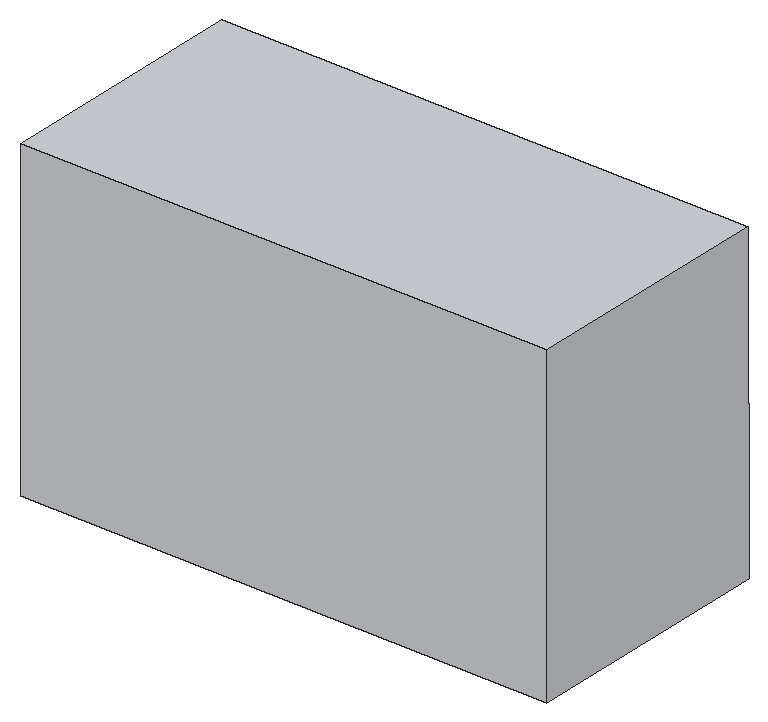
Revit family "ALG_Cutout_Wall", category Allgemeines Modell, Revit 2016
Family settings
  Teiletyp = Normal
  Kann Basisbauteil für Bewehrung sein = Nein
  Bemaßung runder Anschluss = Durchmesser verwenden
  Arbeitsebenenbasiert = Nein
  Immer vertikal = Ja
  Beim Laden mit Abzugskörper schneiden = Nein
  Gemeinsam genutzt = Nein
  Raumberechnungspunkt = Nein
Parameters (values of type "WD")
  WD_Durchbruch_Rund_Volumen [instance] = pi() * (WD_Durchbruch_RD ^ 2) * ALG_Durchbruch_Tiefe  # 0.0471239 m³
  WD_Durchbruch_Rund_Fläche [instance] = pi() * (WD_Durchbruch_RD ^ 2)  # 0.19635 m²
  WD_Durchbruch_Rechteck_Volumen [instance] = ALG_Durchbruch_Breite * ALG_Durchbruch_Höhe * ALG_Durchbruch_Tiefe  # 0.036 m³
  WD_Durchbruch_Rechteck_Fläche [instance] = ALG_Durchbruch_Breite * ALG_Durchbruch_Höhe  # 0.15 m²
  WD_Durchbruch_RD [instance] = ALG_Durchbruch_Breite / 2  # 250 mm
  WDR = no
  WD = yes
  ALG_Durchbruch_Versatz_manuell [instance] = 0 mm
  ALG_Durchbruch_UK_ab_Decke [instance] = ALG_Durchbruch_OKKVersatz + ALG_Durchbruch_Höhe / 2  # 1650 mm
  ALG_Durchbruch_Tiefe [instance] = 240 mm
  ALG_Durchbruch_OK_ab_Decke [instance] = ALG_Durchbruch_OKKVersatz - ALG_Durchbruch_Höhe / 2  # 1350 mm
  ALG_Durchbruch_OKKVersatz [instance] = 1500 mm
  ALG_Durchbruch_Höhe [instance] = 300 mm
  ALG_Durchbruch_Gewerk [instance] = ""
  ALG_Durchbruch_Breite [instance] = 500 mm
Types (2, lengths in mm): name | WDR | WD
  WD | no | yes
  WDR | yes | no
Reference planes
  plane 1 "Mitte (Vorne/Hinten)": y = 0
  plane 2: z = 0
  plane 3 "Mitte (Links/Rechts)": x = 0
  plane 4 "Mitte_WD": z = -1500
Forms (mm)
  Extrusion 1, solid, visible <- "WD"
    sketch origin (0, 0, -1500) x (0, 1, 0) y (-1, 0, 0)
      loop
        line (-120, 250) -> (-120, -250) -> (120, -250) -> (120, 250) -> (-120, 250)
    from -150 to 150
  Extrusion 2, solid, visible <- "WDR"
    sketch origin (0, 0, 0) x (1, 0, 0) y (0, 0, 1)
      loop
        circle (0, -1500) r 250
    from -120 to 120
Lines and regions (mm)
  reference lines
    curve 1: line (0, 670.716, -1350) -> (0, -629.284, -1350)
    curve 2: line (0, 560.86, -1650) -> (0, -629.284, -1650)
    curve 3: line (-4.994, 120, 0) -> (-294.994, 120, 0)
    curve 4: line (-4.994, -120, 0) -> (400, -120, 0)
    curve 5: line (-250, 248.741, 0) -> (-250, -491.259, 0)
    curve 6: line (250, 248.741, 0) -> (250, -491.259, 0)
Dimensions and locks
  "ALG_Durchbruch_OKKVersatz": plane 4 "Mitte_WD" to plane 2
  equal spacing: curve 2, plane 4 "Mitte_WD", curve 1
  "ALG_Durchbruch_Höhe": curve 2 to curve 1
  equal spacing: curve 5, plane 3 "Mitte (Links/Rechts)", curve 6
  equal spacing: curve 4, plane 1 "Mitte (Vorne/Hinten)", curve 3
  "ALG_Durchbruch_Breite": curve 5 to curve 6
  "ALG_Durchbruch_Tiefe": curve 4 to curve 3
  "WD_Durchbruch_RD": radius of Extrusion 2 sketch curve
  aligned and locked: level to plane 2
  aligned and locked: Extrusion 1 to curve 4
  aligned and locked: curve 5 to Extrusion 1
  aligned and locked: Extrusion 1 to curve 3
  aligned and locked: Extrusion 1 to curve 6
  aligned and locked: Extrusion 1 to curve 1
  aligned and locked: curve 2 to Extrusion 1
  aligned and locked: Extrusion 2 sketch curve to plane 3 "Mitte (Links/Rechts)"
  aligned and locked: plane 4 "Mitte_WD" to Extrusion 2 sketch curve
  aligned and locked: Extrusion 2 to curve 3
  aligned and locked: Extrusion 2 to curve 4
  aligned and locked: plane 3 "Mitte (Links/Rechts)" to nested 1
  aligned and locked: plane 1 "Mitte (Vorne/Hinten)" to nested 1
Automatic sketch dimensions
  plane 1 "Mitte (Vorne/Hinten)" to Extrusion 1 sketch curve = 120 mm
  Extrusion 1 sketch curve to plane 1 "Mitte (Vorne/Hinten)" = 120 mm
  plane 3 "Mitte (Links/Rechts)" to Extrusion 1 sketch curve = 250 mm
  Extrusion 1 sketch curve to plane 3 "Mitte (Links/Rechts)" = 250 mm
  plane 1 "Mitte (Vorne/Hinten)" to curve 1 = 629.284 mm
  curve 2 to curve 1 = 0 mm
  curve 2 to plane 1 "Mitte (Vorne/Hinten)" = 560.86 mm
  curve 2 to curve 1 = 109.855 mm
  curve 3 to curve 5 = 44.994 mm
  curve 4 to plane 3 "Mitte (Links/Rechts)" = 4.994 mm
  curve 3 to plane 3 "Mitte (Links/Rechts)" = 4.994 mm
  curve 6 to curve 4 = 150 mm
  curve 5 to curve 4 = 371.259 mm
  curve 6 to curve 4 = 371.259 mm
  curve 6 to plane 1 "Mitte (Vorne/Hinten)" = 248.741 mm
  curve 3 to curve 5 = 128.741 mm
Nested families
  nested 1: "ALG_Cutout_WD_Symbol" at (0, 0, 0), Breite <- "ALG_Durchbruch_Breite", Tiefe <- "ALG_Durchbruch_Tiefe", visible <- "WD", type "Cutout_WD_Symbol"
    with Tiefe 240 mm, T1 80 mm, Breite 500 mm, B1 166.667 mm
Definition of nested family "ALG_Cutout_WD_Symbol"
  Parameters (values of type "ALG_Cutout_WD_Symbol")
    Tiefe [instance] = 200 mm
    B1 [instance] = Breite / 3  # 100 mm
    T1 [instance] = Tiefe / 3  # 66.667 mm
    Breite [instance] = 300 mm
  Types (2): name
    ALG_Cutout_WD_Symbol
    Cutout_WD_Symbol
  Reference planes
    plane 1 "Mitte (Vorne/Hinten)": y = 0
    plane 2: z = 0
    plane 3 "Mitte (Links/Rechts)": x = 0
  Lines and regions (mm)
    symbolic lines
      curve 1: line (-150, -100, 0) -> (150, -100, 0)
      curve 2: line (-150, 100, 0) -> (-150, -100, 0)
      curve 3: line (150, 100, 0) -> (-150, 100, 0)
      curve 4: line (150, -100, 0) -> (150, 100, 0)
    model lines
      curve 5: line (-150, 100, 0) -> (150, -100, 0)
      curve 6: line (-150, -100, 0) -> (150, 100, 0)
  Dimensions and locks
    equal spacing: curve 1, plane 1 "Mitte (Vorne/Hinten)", curve 3
    equal spacing: curve 2, plane 3 "Mitte (Links/Rechts)", curve 4
    "Breite": curve 2 to curve 4
    "Tiefe": curve 1 to curve 3
    aligned and locked: level to plane 2
